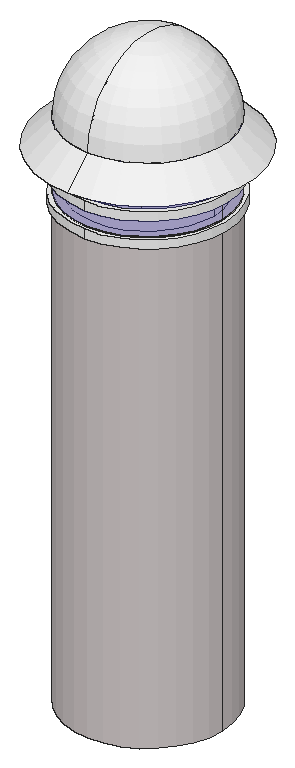
Revit family "M_Luz de poste", category Luminárias, Revit 2019
Family settings
  Cota do conector redondo = Utilizar diâmetro
  Tipo de parte = Normal
  Número OmniClass = 23.80.70.14.11.11
  Título OmniClass = Lighting Bollards
  ID de item do Seek = Bollard Light-0000-CAN-ENU
  Com base no plano de trabalho = Não
  Sempre na vertical = Sim
  Corte com vazios quando carregada = Não
  Fonte luminosa = Sim
  Compartilhado = Não
  Ponto de cálculo do ambiente = Não
Parameters (values of type "Fluorescente - 120V")
  Wattage = 26 W
  built-in parameter 1150110 = 1 (stored number, unit not read)
  built-in parameter 1114217 = 0.88 (stored number, unit not read)
  built-in parameter 1150109 = 1 (stored number, unit not read)
  built-in parameter 1150134 = 4
  built-in parameter 1150113 = 1 (stored number, unit not read)
  Tilt Angle = 90.00°
  Arquivo de rede fotométrica = "BL1CF.IES"
  Lumens = 1799.98 lm
  built-in parameter 1150115 = 1 (stored number, unit not read)
  built-in parameter 1150105 = 143.24 (stored number, unit not read)
  Classificação de carga = Iluminação - Externa
  built-in parameter 1150137 = 1
  built-in parameter 1150139 = (empty or 0)
  built-in parameter 1150112 = 1 (stored number, unit not read)
  built-in parameter 1150114 = 1 (stored number, unit not read)
  Lamp = ""
  built-in parameter 1150132 = (empty or 0)
  built-in parameter 1150102 = (empty or 0)
  built-in parameter 1150138 = (empty or 0)
  built-in parameter 1150107 = 2800 (stored number, unit not read)
  built-in parameter 1150106 = 1.4324 (stored number, unit not read)
  built-in parameter 1150104 = 6.4317 (stored number, unit not read)
  Dimming Lamp Color Temperature Shift = (empty or 0)
  Color Filter = 16777215
  Voltagem do transformador = 120 V
  Transformador por número de postes = 1
  built-in parameter 1114218 = 0.88 (stored number, unit not read)
  built-in parameter 1150133 = 10 (stored number, unit not read)
  Apparent Load = 26 VA
Types (5, lengths in mm): name | Wattage | built-in parameter 1114217 | Tilt Angle | Arquivo de rede fotométrica | Lumens | built-in parameter 1150105 | Lamp | built-in parameter 1150106 | built-in parameter 1150104 | Voltagem do transformador | built-in parameter 1114218 | Apparent Load
  (no name) | 26 W | 0.88 (stored number, unit not read) | 90.00° | "BL1CF.IES" | 1799.98 lm | 143.24 (stored number, unit not read) | "" | 1.4324 (stored number, unit not read) | 6.4317 (stored number, unit not read) | 120 V | 0.88 (stored number, unit not read) | 26 VA
  Incandescente - 120V | 100 W | 1 (stored number, unit not read) | -90.00° | "BL1A19.IES" | 1690 lm | 134.49 (stored number, unit not read) | "A-19" | 1.3449 (stored number, unit not read) | 1.5701 (stored number, unit not read) | 120 V | 1 (stored number, unit not read) | 100 VA
  Incandescente - 277V | 100 W | 1 (stored number, unit not read) | -90.00° | "BL1A19.IES" | 1690 lm | 134.49 (stored number, unit not read) | "A-19" | 1.3449 (stored number, unit not read) | 1.5701 (stored number, unit not read) | 277 V | 1 (stored number, unit not read) | 100 VA
  Fluorescente - 120V | 26 W | 0.88 (stored number, unit not read) | 90.00° | "BL1CF.IES" | 1799.98 lm | 143.24 (stored number, unit not read) | "" | 1.4324 (stored number, unit not read) | 6.4317 (stored number, unit not read) | 120 V | 0.88 (stored number, unit not read) | 26 VA
  Fluorescente - 277V | 26 W | 0.88 (stored number, unit not read) | 90.00° | "BL1CF.IES" | 1799.98 lm | 143.24 (stored number, unit not read) | "" | 1.4324 (stored number, unit not read) | 6.4317 (stored number, unit not read) | 277 V | 0.88 (stored number, unit not read) | 26 VA
Reference planes
  plane 1 "Eixo de origem da luz": y = -114.3
  plane 2: z = 0
  plane 3 "Eixo de origem da luz": x = -114.3
  plane 4 "Elevação da origem da luz": z = 762
  plane 5: y = 0
  plane 6: x = 0
  plane 7: y = -228.6
  plane 8: x = -228.6
  plane 9: z = 914.4
  plane 10: z = 800.1
  plane 11: z = 698.5
Forms (mm)
  Extrusion 1, solid, material "Concreto, Pré-moldado"
    sketch origin (0, 0, 0) x (1, 0, 0) y (0, 1, 0)
      loop
        circle (-114.3, -114.3) r 114.3
    from 0 to 698.5
  Extrusion 2, solid, material "Vidro"
    sketch origin (0, 0, 0) x (1, 0, 0) y (0, 1, 0)
      loop
        circle (-114.3, -114.3) r 114.3
      loop
        circle (-114.3, -114.3) r 101.6
    from 698.5 to 800.1
  Revolve 3, solid, material "Aço, Polido"
    sketch origin (-114.3, 0, 0) x (0, 1, 0) y (0, 0, 1)
      loop
        line (-114.3, 914.4) -> (-114.3, 901.7) -> (0, 787.4) -> (0, 762) -> (38.1, 762) -> (0, 800.1)
        arc (0, 800.1) -> (-33.478, 880.922) -> (-114.3, 914.4) r 114.3
      loop
        line (0, 698.5) -> (0, 685.8) -> (6.35, 685.8) -> (6.35, 698.5) -> (0, 698.5)
      loop
        line (0, 736.6) -> (0, 723.9) -> (6.35, 723.9) -> (6.35, 736.6) -> (0, 736.6)
      axis (-114.3, 914.4) -> (-114.3, 685.8)
    angle from 0 to 360
Lines and regions (mm)
  Masking region 1
    outline origin (0, 0, 0) x (1, 0, 0) y (0, 1, 0)
      loop
        circle (-114.3, -114.3) r 152.4
  symbolic lines, style "Exterior"
    curve 1: arc (0, -114.3, 0) -> (-114.3, 0, 0) -> (-228.6, -114.3, 0) r 114.3
    curve 2: arc (-228.6, -114.3, 0) -> (-114.3, -228.6, 0) -> (0, -114.3, 0) r 114.3
    curve 3: arc (38.1, -114.3, 0) -> (-114.3, 38.1, 0) -> (-266.7, -114.3, 0) r 152.4
    curve 4: arc (-266.7, -114.3, 0) -> (-114.3, -266.7, 0) -> (38.1, -114.3, 0) r 152.4
Dimensions and locks
  equal spacing: plane 8, plane 3 "Eixo de origem da luz", plane 6
  plane 8 to plane 6 = 228.6 mm
  plane 7 to plane 5 = 228.6 mm
  equal spacing: plane 7, plane 1 "Eixo de origem da luz", plane 5
  plane 4 "Elevação da origem da luz" to plane 2 = 762 mm
  plane 9 to plane 2 = 914.4 mm
  locked: plane 9 to plane 10 at 114.3
  locked: plane 10 to plane 11 at 101.6
  aligned and locked: Extrusion 1 to plane 11
  aligned and locked: Extrusion 2 to plane 10
  aligned and locked: Extrusion 2 to Extrusion 1
  aligned and locked: Masking region 1 sketch curve to curve 3
  aligned and locked: plane 3 "Eixo de origem da luz" to imposter light
  aligned and locked: plane 1 "Eixo de origem da luz" to imposter light
  aligned and locked: plane 4 "Elevação da origem da luz" to imposter light
Connectors
  electrical at (-114.3, -114.3, 698.5), driven by "Apparent Load", driven by "Voltagem do transformador", driven by "Transformador por número de postes", driven by "Classificação de carga"
    settings: on Extrusion 1, index 1, voltage 120 V, apparent load 0 VA, apparent load phase1 26 VA, apparent load phase2 0 VA, apparent load phase3 0 VA, power factor 0.95, load classification "Iluminação - Externa", number of poles 1, system type 31, power factor state 1, is connector primary yes, connector utility no, sub classification motor no, connector description ""
